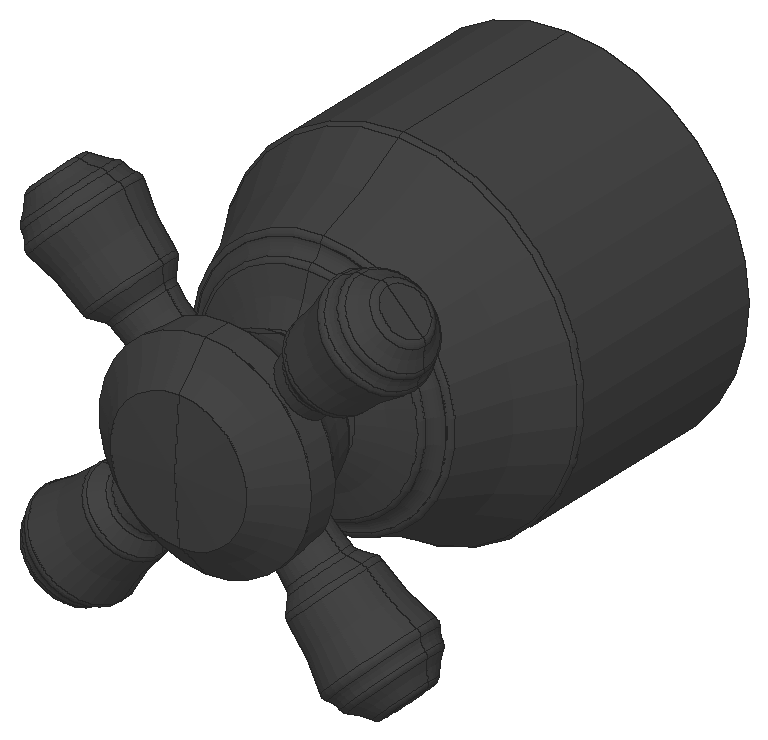
Revit family "Delta Bath Cassidy fgh595", category Plumbing Fixtures, host Wall, Revit 2013
Parameters
  URL = "http://www.deltafaucet.com "
  Valve = Stainless Steel
  Model = "fgh595"
  Manufacturer = "Delta"
Reference planes (in)
  plane 1: y = 0
  plane 2 "Center (Left/Right)": x = 0
  plane 3 "Wall Edge": y = 3
  plane 4: y = -3
Forms (in)
  Revolve 1, solid, material "Stainless Steel" <- "Valve"
    sketch origin (0, 0, -46.86367) x (0, 1, 0) y (0, 0, 1)
      loop
        line (-4.61189, 69.77715) -> (-4.61189, 69.11883) -> (-3, 69.11883) -> (-3, 70.06383) -> (-4.0729, 70.06383)
        arc (-4.0729, 70.06383) -> (-4.0879, 70.05905) -> (-4.10101, 70.05034) r 0.0569
        arc (-4.10101, 70.05034) -> (-4.33562, 69.90704) -> (-4.59118, 69.80568) r 1.61223
        arc (-4.59118, 69.80568) -> (-4.60616, 69.79478) -> (-4.61189, 69.77715) r 0.03
      axis (-3, 69.11883) -> (-4.61189, 69.11883)
    angle from 0 to 360
  Revolve 2, solid, material "Stainless Steel" <- "Valve"
    sketch origin (0, 0, -46.86367) x (0, 1, 0) y (0, 0, 1)
      loop
        arc (-4.69139, 69.68624) -> (-4.73062, 69.55747) -> (-4.79266, 69.43789) r 0.73757
        arc (-4.79266, 69.43789) -> (-4.80034, 69.42409) -> (-4.8044, 69.40883) r 0.06377
        line (-4.8044, 69.40883) -> (-4.8044, 69.11839) -> (-4.61189, 69.11839) -> (-4.61189, 69.77715)
        arc (-4.61189, 69.77715) -> (-4.62737, 69.73316) -> (-4.66762, 69.70962) r 0.06769
        arc (-4.66762, 69.70962) -> (-4.68305, 69.70154) -> (-4.69139, 69.68624) r 0.03
      axis (-4.61189, 69.11839) -> (-4.8044, 69.11839)
    angle from 0 to 360
  Revolve 3, solid, material "Stainless Steel" <- "Valve"
    sketch origin (0, 0, -46.86367) x (0, 1, 0) y (0, 0, 1)
      loop
        line (-4.8044, 68.82796) -> (-4.8044, 69.11839) -> (-5.56621, 69.11839)
        arc (-5.56621, 69.11839) -> (-5.56275, 68.93859) -> (-5.54263, 68.75988) r 1.93766
        arc (-5.54263, 68.75988) -> (-5.44699, 68.66801) -> (-5.36569, 68.56324) r 0.91121
        line (-5.36569, 68.56324) -> (-5.21607, 68.56324)
        arc (-5.21607, 68.56324) -> (-5.06169, 68.67902) -> (-4.8845, 68.75544) r 0.81853
        arc (-4.8845, 68.75544) -> (-4.86511, 68.7743) -> (-4.85939, 68.80074) r 0.04679
        arc (-4.85939, 68.80074) -> (-4.85482, 68.81745) -> (-4.84103, 68.82796) r 0.02703
        line (-4.84103, 68.82796) -> (-4.8044, 68.82796)
      axis (-4.8044, 69.11839) -> (-5.56621, 69.11839)
    angle from 0 to 360
  Revolve 4, solid, material "Stainless Steel" <- "Valve"
    sketch origin (0, -5.1939, -46.86367) x (1, 0, 0) y (0, 0, 1)
      loop
        line (-0.35133, 68.78199) -> (-0.92297, 68.21036) -> (-0.83315, 68.12054)
        arc (-0.83315, 68.12054) -> (-0.81595, 68.11039) -> (-0.79599, 68.10982) r 0.04
        arc (-0.79599, 68.10982) -> (-0.74211, 68.11662) -> (-0.68787, 68.11411) r 0.31649
        arc (-0.68787, 68.11411) -> (-0.67112, 68.1152) -> (-0.65629, 68.12308) r 0.04
        arc (-0.65629, 68.12308) -> (-0.62842, 68.14007) -> (-0.59671, 68.14781) r 0.10641
        arc (-0.59671, 68.14781) -> (-0.57807, 68.15418) -> (-0.56473, 68.16868) r 0.04
        arc (-0.56473, 68.16868) -> (-0.48002, 68.30579) -> (-0.37742, 68.43008) r 1.18024
        arc (-0.37742, 68.43008) -> (-0.36719, 68.44191) -> (-0.36159, 68.45651) r 0.04532
        line (-0.36159, 68.45651) -> (-0.35455, 68.53483)
        arc (-0.35455, 68.53483) -> (-0.35035, 68.55094) -> (-0.34112, 68.5648) r 0.05042
        arc (-0.34112, 68.5648) -> (-0.29462, 68.62154) -> (-0.24157, 68.67223) r 0.60389
        line (-0.24157, 68.67223) -> (-0.35133, 68.78199)
      axis (-0.35133, 68.78199) -> (-0.92297, 68.21036)
    angle from 0 to 360
  Revolve 5, solid, material "Stainless Steel" <- "Valve"
    sketch origin (0, -5.1939, 91.39552) x (1, 0, 0) y (0, 0, 1)
      loop
        line (-0.35133, -68.78199) -> (-0.24157, -68.67223)
        arc (-0.24157, -68.67223) -> (-0.29462, -68.62154) -> (-0.34112, -68.5648) r 0.60389
        arc (-0.34112, -68.5648) -> (-0.35035, -68.55094) -> (-0.35455, -68.53483) r 0.05042
        line (-0.35455, -68.53483) -> (-0.36159, -68.45651)
        arc (-0.36159, -68.45651) -> (-0.36719, -68.44191) -> (-0.37742, -68.43008) r 0.04532
        arc (-0.37742, -68.43008) -> (-0.48002, -68.30579) -> (-0.56473, -68.16868) r 1.18024
        arc (-0.56473, -68.16868) -> (-0.57807, -68.15418) -> (-0.59671, -68.14781) r 0.04
        arc (-0.59671, -68.14781) -> (-0.62842, -68.14007) -> (-0.65629, -68.12308) r 0.10641
        arc (-0.65629, -68.12308) -> (-0.67112, -68.1152) -> (-0.68787, -68.11411) r 0.04
        arc (-0.68787, -68.11411) -> (-0.74211, -68.11662) -> (-0.79599, -68.10982) r 0.31649
        arc (-0.79599, -68.10982) -> (-0.81595, -68.11039) -> (-0.83315, -68.12054) r 0.04
        line (-0.83315, -68.12054) -> (-0.92297, -68.21036) -> (-0.35133, -68.78199)
      axis (-0.35133, -68.78199) -> (-0.92297, -68.21036)
    angle from 0 to 360
  Revolve 6, solid, material "Stainless Steel" <- "Valve"
    sketch origin (0, -5.1939, -46.86367) x (-1, 0, 0) y (0, 0, -1)
      loop
        line (-0.35133, -68.78199) -> (-0.24157, -68.67223)
        arc (-0.24157, -68.67223) -> (-0.29462, -68.62154) -> (-0.34112, -68.5648) r 0.60389
        arc (-0.34112, -68.5648) -> (-0.35035, -68.55094) -> (-0.35455, -68.53483) r 0.05042
        line (-0.35455, -68.53483) -> (-0.36159, -68.45651)
        arc (-0.36159, -68.45651) -> (-0.36719, -68.44191) -> (-0.37742, -68.43008) r 0.04532
        arc (-0.37742, -68.43008) -> (-0.48002, -68.30579) -> (-0.56473, -68.16868) r 1.18024
        arc (-0.56473, -68.16868) -> (-0.57807, -68.15418) -> (-0.59671, -68.14781) r 0.04
        arc (-0.59671, -68.14781) -> (-0.62842, -68.14007) -> (-0.65629, -68.12308) r 0.10641
        arc (-0.65629, -68.12308) -> (-0.67112, -68.1152) -> (-0.68787, -68.11411) r 0.04
        arc (-0.68787, -68.11411) -> (-0.74211, -68.11662) -> (-0.79599, -68.10982) r 0.31649
        arc (-0.79599, -68.10982) -> (-0.81595, -68.11039) -> (-0.83315, -68.12054) r 0.04
        line (-0.83315, -68.12054) -> (-0.92297, -68.21036) -> (-0.35133, -68.78199)
      axis (-0.35133, -68.78199) -> (-0.92297, -68.21036)
    angle from 0 to 360
  Revolve 7, solid, material "Stainless Steel" <- "Valve"
    sketch origin (-0.01563, -5.1939, 91.3799) x (-1, 0, 0) y (0, 0, -1)
      loop
        line (-0.35133, 68.78199) -> (-0.92297, 68.21036) -> (-0.83315, 68.12054)
        arc (-0.83315, 68.12054) -> (-0.81595, 68.11039) -> (-0.79599, 68.10982) r 0.04
        arc (-0.79599, 68.10982) -> (-0.74211, 68.11662) -> (-0.68787, 68.11411) r 0.31649
        arc (-0.68787, 68.11411) -> (-0.67112, 68.1152) -> (-0.65629, 68.12308) r 0.04
        arc (-0.65629, 68.12308) -> (-0.62842, 68.14007) -> (-0.59671, 68.14781) r 0.10641
        arc (-0.59671, 68.14781) -> (-0.57807, 68.15418) -> (-0.56473, 68.16868) r 0.04
        arc (-0.56473, 68.16868) -> (-0.48002, 68.30579) -> (-0.37742, 68.43008) r 1.18024
        arc (-0.37742, 68.43008) -> (-0.36719, 68.44191) -> (-0.36159, 68.45651) r 0.04532
        line (-0.36159, 68.45651) -> (-0.35455, 68.53483)
        arc (-0.35455, 68.53483) -> (-0.35035, 68.55094) -> (-0.34112, 68.5648) r 0.05042
        arc (-0.34112, 68.5648) -> (-0.29462, 68.62154) -> (-0.24157, 68.67223) r 0.60389
        line (-0.24157, 68.67223) -> (-0.35133, 68.78199)
      axis (-0.35133, 68.78199) -> (-0.92297, 68.21036)
    angle from 0 to 360
  Revolve 8, solid, material "Stainless Steel" <- "Valve", not visible
    sketch origin (0, 0, 0.13633) x (0, 1, 0) y (0, 0, 1)
      loop
        line (-4.61189, 69.77715) -> (-4.61189, 69.11883) -> (-3, 69.11883) -> (-3, 70.06383) -> (-4.0729, 70.06383)
        arc (-4.0729, 70.06383) -> (-4.0879, 70.05905) -> (-4.10101, 70.05034) r 0.0569
        arc (-4.10101, 70.05034) -> (-4.33562, 69.90704) -> (-4.59118, 69.80568) r 1.61223
        arc (-4.59118, 69.80568) -> (-4.60616, 69.79478) -> (-4.61189, 69.77715) r 0.03
      axis (-3, 69.11883) -> (-4.61189, 69.11883)
    angle from 0 to 360
  Revolve 9, solid, material "Stainless Steel" <- "Valve", not visible
    sketch origin (0, 0, 0.13633) x (0, 1, 0) y (0, 0, 1)
      loop
        arc (-4.69139, 69.68624) -> (-4.73062, 69.55747) -> (-4.79266, 69.43789) r 0.73757
        arc (-4.79266, 69.43789) -> (-4.80034, 69.42409) -> (-4.8044, 69.40883) r 0.06377
        line (-4.8044, 69.40883) -> (-4.8044, 69.11839) -> (-4.61189, 69.11839) -> (-4.61189, 69.77715)
        arc (-4.61189, 69.77715) -> (-4.62737, 69.73316) -> (-4.66762, 69.70962) r 0.06769
        arc (-4.66762, 69.70962) -> (-4.68305, 69.70154) -> (-4.69139, 69.68624) r 0.03
      axis (-4.61189, 69.11839) -> (-4.8044, 69.11839)
    angle from 0 to 360
  Revolve 10, solid, material "Stainless Steel" <- "Valve", not visible
    sketch origin (0, 0, 0.13633) x (0, 1, 0) y (0, 0, 1)
      loop
        line (-4.8044, 68.82796) -> (-4.8044, 69.11839) -> (-5.56621, 69.11839)
        arc (-5.56621, 69.11839) -> (-5.56275, 68.93859) -> (-5.54263, 68.75988) r 1.93766
        arc (-5.54263, 68.75988) -> (-5.44699, 68.66801) -> (-5.36569, 68.56324) r 0.91121
        line (-5.36569, 68.56324) -> (-5.21607, 68.56324)
        arc (-5.21607, 68.56324) -> (-5.06169, 68.67902) -> (-4.8845, 68.75544) r 0.81853
        arc (-4.8845, 68.75544) -> (-4.86511, 68.7743) -> (-4.85939, 68.80074) r 0.04679
        arc (-4.85939, 68.80074) -> (-4.85482, 68.81745) -> (-4.84103, 68.82796) r 0.02703
        line (-4.84103, 68.82796) -> (-4.8044, 68.82796)
      axis (-4.8044, 69.11839) -> (-5.56621, 69.11839)
    angle from 0 to 360
  Revolve 11, solid, material "Stainless Steel" <- "Valve", not visible
    sketch origin (0, -5.1939, 0.13633) x (1, 0, 0) y (0, 0, 1)
      loop
        line (-0.35133, 68.78199) -> (-0.92297, 68.21036) -> (-0.83315, 68.12054)
        arc (-0.83315, 68.12054) -> (-0.81595, 68.11039) -> (-0.79599, 68.10982) r 0.04
        arc (-0.79599, 68.10982) -> (-0.74211, 68.11662) -> (-0.68787, 68.11411) r 0.31649
        arc (-0.68787, 68.11411) -> (-0.67112, 68.1152) -> (-0.65629, 68.12308) r 0.04
        arc (-0.65629, 68.12308) -> (-0.62842, 68.14007) -> (-0.59671, 68.14781) r 0.10641
        arc (-0.59671, 68.14781) -> (-0.57807, 68.15418) -> (-0.56473, 68.16868) r 0.04
        arc (-0.56473, 68.16868) -> (-0.48002, 68.30579) -> (-0.37742, 68.43008) r 1.18024
        arc (-0.37742, 68.43008) -> (-0.36719, 68.44191) -> (-0.36159, 68.45651) r 0.04532
        line (-0.36159, 68.45651) -> (-0.35455, 68.53483)
        arc (-0.35455, 68.53483) -> (-0.35035, 68.55094) -> (-0.34112, 68.5648) r 0.05042
        arc (-0.34112, 68.5648) -> (-0.29462, 68.62154) -> (-0.24157, 68.67223) r 0.60389
        line (-0.24157, 68.67223) -> (-0.35133, 68.78199)
      axis (-0.35133, 68.78199) -> (-0.92297, 68.21036)
    angle from 0 to 360
  Revolve 12, solid, material "Stainless Steel" <- "Valve", not visible
    sketch origin (0, -5.1939, 138.39552) x (1, 0, 0) y (0, 0, 1)
      loop
        line (-0.35133, -68.78199) -> (-0.24157, -68.67223)
        arc (-0.24157, -68.67223) -> (-0.29462, -68.62154) -> (-0.34112, -68.5648) r 0.60389
        arc (-0.34112, -68.5648) -> (-0.35035, -68.55094) -> (-0.35455, -68.53483) r 0.05042
        line (-0.35455, -68.53483) -> (-0.36159, -68.45651)
        arc (-0.36159, -68.45651) -> (-0.36719, -68.44191) -> (-0.37742, -68.43008) r 0.04532
        arc (-0.37742, -68.43008) -> (-0.48002, -68.30579) -> (-0.56473, -68.16868) r 1.18024
        arc (-0.56473, -68.16868) -> (-0.57807, -68.15418) -> (-0.59671, -68.14781) r 0.04
        arc (-0.59671, -68.14781) -> (-0.62842, -68.14007) -> (-0.65629, -68.12308) r 0.10641
        arc (-0.65629, -68.12308) -> (-0.67112, -68.1152) -> (-0.68787, -68.11411) r 0.04
        arc (-0.68787, -68.11411) -> (-0.74211, -68.11662) -> (-0.79599, -68.10982) r 0.31649
        arc (-0.79599, -68.10982) -> (-0.81595, -68.11039) -> (-0.83315, -68.12054) r 0.04
        line (-0.83315, -68.12054) -> (-0.92297, -68.21036) -> (-0.35133, -68.78199)
      axis (-0.35133, -68.78199) -> (-0.92297, -68.21036)
    angle from 0 to 360
  Revolve 13, solid, material "Stainless Steel" <- "Valve", not visible
    sketch origin (0, -5.1939, 0.13633) x (-1, 0, 0) y (0, 0, -1)
      loop
        line (-0.35133, -68.78199) -> (-0.24157, -68.67223)
        arc (-0.24157, -68.67223) -> (-0.29462, -68.62154) -> (-0.34112, -68.5648) r 0.60389
        arc (-0.34112, -68.5648) -> (-0.35035, -68.55094) -> (-0.35455, -68.53483) r 0.05042
        line (-0.35455, -68.53483) -> (-0.36159, -68.45651)
        arc (-0.36159, -68.45651) -> (-0.36719, -68.44191) -> (-0.37742, -68.43008) r 0.04532
        arc (-0.37742, -68.43008) -> (-0.48002, -68.30579) -> (-0.56473, -68.16868) r 1.18024
        arc (-0.56473, -68.16868) -> (-0.57807, -68.15418) -> (-0.59671, -68.14781) r 0.04
        arc (-0.59671, -68.14781) -> (-0.62842, -68.14007) -> (-0.65629, -68.12308) r 0.10641
        arc (-0.65629, -68.12308) -> (-0.67112, -68.1152) -> (-0.68787, -68.11411) r 0.04
        arc (-0.68787, -68.11411) -> (-0.74211, -68.11662) -> (-0.79599, -68.10982) r 0.31649
        arc (-0.79599, -68.10982) -> (-0.81595, -68.11039) -> (-0.83315, -68.12054) r 0.04
        line (-0.83315, -68.12054) -> (-0.92297, -68.21036) -> (-0.35133, -68.78199)
      axis (-0.35133, -68.78199) -> (-0.92297, -68.21036)
    angle from 0 to 360
  Revolve 14, solid, material "Stainless Steel" <- "Valve", not visible
    sketch origin (-0.01563, -5.1939, 138.3799) x (-1, 0, 0) y (0, 0, -1)
      loop
        line (-0.35133, 68.78199) -> (-0.92297, 68.21036) -> (-0.83315, 68.12054)
        arc (-0.83315, 68.12054) -> (-0.81595, 68.11039) -> (-0.79599, 68.10982) r 0.04
        arc (-0.79599, 68.10982) -> (-0.74211, 68.11662) -> (-0.68787, 68.11411) r 0.31649
        arc (-0.68787, 68.11411) -> (-0.67112, 68.1152) -> (-0.65629, 68.12308) r 0.04
        arc (-0.65629, 68.12308) -> (-0.62842, 68.14007) -> (-0.59671, 68.14781) r 0.10641
        arc (-0.59671, 68.14781) -> (-0.57807, 68.15418) -> (-0.56473, 68.16868) r 0.04
        arc (-0.56473, 68.16868) -> (-0.48002, 68.30579) -> (-0.37742, 68.43008) r 1.18024
        arc (-0.37742, 68.43008) -> (-0.36719, 68.44191) -> (-0.36159, 68.45651) r 0.04532
        line (-0.36159, 68.45651) -> (-0.35455, 68.53483)
        arc (-0.35455, 68.53483) -> (-0.35035, 68.55094) -> (-0.34112, 68.5648) r 0.05042
        arc (-0.34112, 68.5648) -> (-0.29462, 68.62154) -> (-0.24157, 68.67223) r 0.60389
        line (-0.24157, 68.67223) -> (-0.35133, 68.78199)
      axis (-0.35133, 68.78199) -> (-0.92297, 68.21036)
    angle from 0 to 360
Text (in)
  text "Placement Side" at (0, 40.15149, 123.01588), in view "Right"
  text "Placement Side" at (-70.3804, 28.46503, 0), in view "Ref. Level"
  text "Placement Side" at (0, 81.62555, 140.59947), in view "Left"
Dimensions and locks (in)
  locked: plane 3 "Wall Edge" to host wall
  aligned and locked: plane 4 to host wall
  aligned and locked: plane 4 to Revolve 1
Connectors (in)
  piping at (0, -3, 22.25516)
    settings: on Revolve 1, index 1, connector radius 12", flow factor 0, pipe flow 0 GPM, pressure drop 0.00 psi, fitting loss kfactor 0, connector angle 0.00°, fixture units 0, engagement length 0' - 0", flow configuration 0, flow direction 0, fitting loss method 0, system type 7, joint type 0, gender type 0, connector reference index -1, connector utility 0, adjustable connector no, is connector primary yes, fitting loss table "", connector description ""
